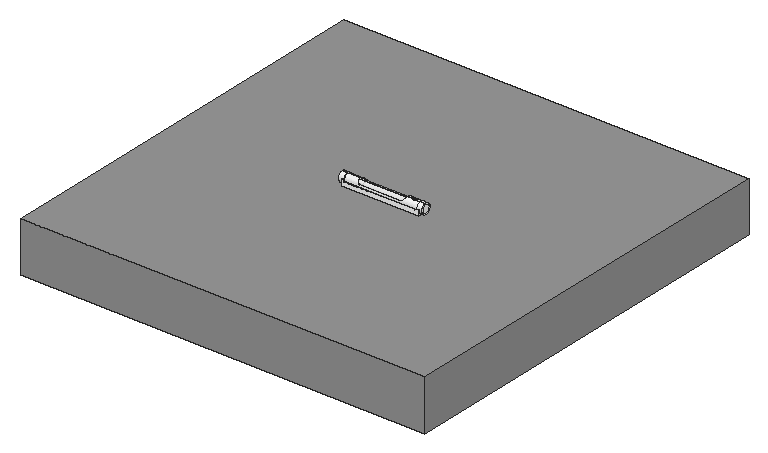
Revit family "Sarlam_Lighting_LED_shaverlights__IP44_800_Lm", category Dispositifs d'éclairage, Revit 2020
Family settings
  Hôte = Face
  Conserver l'orientation des annotations = Oui
  Cote de connecteur circulaire = Utiliser le diamètre
  Type d'élément = Normal
  Couper avec des vides une fois chargée = Non
  Partagée = Non
  Point de calcul de pièce = Non
Parameters (values of type "Light switch")
  With movement sensor = no
  With light sensor = no
  Width = 0 mm
  Voltage type = ""
  Type of dimming = ""
  Type of control gear = "0"
  System power W = 0
  Suitable for wall mounting = no
  Suitable for suspended mounting = no
  Suitable for surface mounting = no
  Suitable for ceiling mounting = no
  Suitable for built-in mounting = no
  Radiation angle = "0"
  Protection Class = "II"
  Outer diameter = 0 mm
  Nominal voltage (Un) V MIN = 0
  Nominal voltage (Un) V MAX = 0
  Nominal current mA MIN = 0
  Nominal current mA MAX = 0
  Material housing = none
  Light sharing = "0"
  Length = 0 mm
  Lamp type = ""
  Lamp power at multiwatt = ""
  Lamp power W = ""
  Lamp holder = "0"
  Impact strength (IK) = "IK07"
  Height/depth = 0 mm
  General Conditions of Use = "https://export.legrand.com/en/terms-of-use-BIM-objects"
  Effective luminous flux lm = 800
  Detection area = ""
  URL = "http://www.legrandoc.com/SL189820"
  Modèle = "SL-189820"
  Fabricant = "LEGRAND"  # constant formula
  Description = "PRISMALED 800LM IP44  WITH SWITCH"
  Detection area - Wall [instance] = no
  Elévation par défaut = 1800 mm
  Degree of protection (IP) = "IP44"
  Colour temperature K MIN = 0
  Colour temperature K MAX = 0
  Colour rendering index CRI = "0"
  Colour housing = LEGRAND - White
  Built-in width = 0 mm
  Built-in length = 0 mm
  Built-in height/depth = 0 mm
  Built-in diameter = 0 mm
  Tag [instance] = no
Types (4, lengths in mm): name | With movement sensor | Detection area | URL | Modèle | Description
  ON/OFF | no | "" | "http://www.legrandoc.com/SL189810" | "SL-189810" | "PRISMALED 800LM IP44"
  Light switch | no | "" | "http://www.legrandoc.com/SL189820" | "SL-189820" | "PRISMALED 800LM IP44  WITH SWITCH"
  ON/OFF+Plug | no | "" | "http://www.legrandoc.com/SL189850" | "SL-189850" | "PRISMALED 800LM IP 44 WITH OUTLET"
  With microwave sensor | yes | "Detection at 1,8m high Wall: Cone 5*5m" | "http://www.legrandoc.com/SL189830" | "SL-189830" | "PRISMALED 800LM IP44 WITH MOTION SENSOR"
Reference planes
  plane 1 "Centre (avant/arrière)": y = 0
  plane 2: z = 0
  plane 3 "Centre (gauche/droite)": x = 0
  plane 4: z = 62.155
Forms (mm)
  Extrusion 1, solid, material "Blanc"
    sketch origin (0, 0, 0) x (1, 0, 0) y (0, 1, 0)
      loop
        line (-1219.2, 1219.2) -> (-1219.2, -1219.2) -> (1219.2, -1219.2) -> (1219.2, 1219.2) -> (-1219.2, 1219.2)
    from 0 to -304.8
Lines and regions (mm)
  model lines, style "Lignes cachées", not visible
    curve 1: line (0, 0, 0) -> (0, 0, 2230)
    curve 2: line (0, 0, 0) -> (0, 3300, 0)
    curve 3: line (0, 0, 0) -> (-2620, 0, 0)
Dimensions and locks
  aligned and locked: plane 2 to Extrusion 1
  aligned and locked: level to Extrusion 1
Nested families
  nested 1: "Forme 10" at (0, 0, 0), type "Forme 10"
  nested 2: "Zone de détection Prismaled" at (0, 0, 62.155) x (0, 0, 1) z (0, -1, 0), visible <- "Detection area - Wall", type "Zone de détection Prismaled"
  nested 3: "Zone de détection Prismaled" at (0, 0, 62.155) x (0, 0, 1) z (1, 0, 0), type "Zone de détection Prismaled"
  nested 4: "Etiquette de zone" at (-4.161, 30.75, 0) x (-1, 0, 0) z (0, 0, 1), visible <- "Tag", type "Etiquette de zone"
Connectors
  electrical at (0, 0, 0)
    settings: on nested 1, index 1, voltage 230 V, apparent load 0 VA, apparent load phase1 0 VA, apparent load phase2 0 VA, apparent load phase3 0 VA, power factor 1, load classification "Eclairage", number of poles 1, system type 30, power factor state 1, is connector primary yes, connector utility no, sub classification motor no, connector description ""
Definition of nested family "Forme 10"
  Parameters (values of type "Forme 10")
    Default Elevation = 0 mm
    Couleur corps = none
  Reference planes
    plane 1 "Centre (avant/arrière)": y = 0
    plane 2: z = 0
    plane 3 "Centre (gauche/droite)": x = 0
    plane 4: z = 30.75
    plane 5: z = -30.75
    plane 6: x = -251
    plane 7: x = 251
    plane 8: x = -233
    plane 9: x = 233
    plane 10: x = -220
    plane 11: x = 220
    plane 12: x = -150
    plane 13: x = 150
  Forms (mm)
    Extrusion 1, solid, material <- "Couleur corps"
      sketch origin (0, 0, 33.75) x (0, 0, -1) y (0, 1, 0)
        loop
          circle (0, 0) r 28.405
      from -251 to 251
    Extrusion 2, solid, material <- "Couleur corps"
      sketch origin (0, 0, 0) x (0, 0, -1) y (0, 1, 0)
        loop
          line (0, 30.75) -> (-35.665, 28.341) -> (-35.665, -28.341) -> (0, -30.75) -> (0, 30.75)
      from -233 to 233
    Extrusion 3, void
      sketch origin (0, 0, 0) x (0, 0, -1) y (0, 1, 0)
        loop
          arc (-61.155, 0) -> (-51.007, 21.289) -> (-28.079, 26.812) r 27.405
          line (-28.079, 26.812) -> (-28.079, 28.853)
          arc (-28.079, 28.853) -> (-52.43, 22.709) -> (-63.155, 0) r 29.405
          arc (-63.155, 0) -> (-52.43, -22.709) -> (-28.079, -28.853) r 29.405
          line (-28.079, -28.853) -> (-28.079, -26.812)
          arc (-28.079, -26.812) -> (-51.007, -21.289) -> (-61.155, 0) r 27.405
      from -220 to 220
    Extrusion 4, void
      sketch origin (0, 0, 0) x (0, 0, -1) y (0, 1, 0)
        loop
          circle (-33.75, 0) r 26.405
      from -253.91 to -247.91
    Extrusion 5, void
      sketch origin (502, 0, 0) x (0, 0, -1) y (0, 1, 0)
        loop
          circle (-33.75, 0) r 26.405
      from -253.91 to -247.91
    Extrusion 6, void
      sketch origin (0, 0, 8.75) x (1, 0, 0) y (0, 0, -1)
        loop
          arc (-120.86, -33.079) -> (-133.349, -37.318) -> (-140.677, -48.284) r 20.516
          line (-140.677, -48.284) -> (-150, -83.079) -> (150, -83.079) -> (140.677, -48.284)
          arc (140.677, -48.284) -> (133.349, -37.318) -> (120.86, -33.079) r 20.516
          line (120.86, -33.079) -> (-120.86, -33.079)
      from -30.75 to 38.948
    Extrusion 7, solid
      sketch origin (220, 0, 0) x (0, 0, 1) y (0, 1, 0)
        loop
          arc (56.155, 0) -> (50.646, 14.714) -> (36.829, 22.193) r 22.405
          line (36.829, 22.193) -> (36.829, -22.193)
          arc (36.829, -22.193) -> (50.646, -14.714) -> (56.155, 0) r 22.405
      from 0 to 371.05
    Extrusion 8, solid, material <- "Couleur corps"
      sketch origin (0, 0, 0) x (1, 0, 0) y (0, 1, 0)
        loop
          circle (185.17, 0) r 5
      from 56.523 to 61.807
  Cuts and joins
    Extrusion 3, Extrusion 4, Extrusion 5, Extrusion 6 cuts Extrusion 1
    Extrusion 3, Extrusion 4, Extrusion 5 cuts Extrusion 2
    joined: Extrusion 1, Extrusion 2
  Dimensions and locks
    aligned and locked: level to plane 2
    aligned and locked: plane 9 to Extrusion 2
    aligned and locked: Extrusion 2 to plane 8
    aligned and locked: Extrusion 3 to plane 10
    aligned and locked: plane 11 to Extrusion 3
Definition of nested family "Zone de détection Prismaled"
  Parameters (values of type "Zone de détection Prismaled")
    Zone murale Formes 8à9 = yes
    Zone murale Formes 1à7 = yes
  Reference planes
    plane 1 "Centre (avant/arrière)": y = 0
    plane 2: z = 0
    plane 3 "Centre (gauche/droite)": x = 0
  Lines and regions (mm)
    detail lines, in view "Niveau de réf."
      curve 1: spline (1934.398, 2305.326, 0) -> (2793.581, 2073.397, 0) -> (3546.233, 1762.401, 0) -> (4163.652, 1384.197, 0) -> (4622.292, 953.207, 0) -> (4904.664, 485.868, 0) -> (5000, 0, 0) -> (4904.664, -485.868, 0) -> (4622.292, -953.207, 0) -> (4163.652, -1384.197, 0) -> (3546.233, -1762.401, 0) -> (2793.581, -2073.397, 0) -> (1934.398, -2305.326, 0)
      curve 2: line (0, 0, 0) -> (1934.398, 2305.326, 0)
      curve 3: line (0, 0, 0) -> (1934.398, -2305.326, 0)
      curve 4: spline (967.199, 1152.663, 0) -> (1396.791, 1036.699, 0) -> (1773.117, 881.201, 0) -> (2081.826, 692.098, 0) -> (2311.146, 476.604, 0) -> (2452.332, 242.934, 0) -> (2500, 0, 0) -> (2452.332, -242.934, 0) -> (2311.146, -476.604, 0) -> (2081.826, -692.098, 0) -> (1773.117, -881.201, 0) -> (1396.791, -1036.699, 0) -> (967.199, -1152.663, 0)
Definition of nested family "Etiquette de zone"
  Parameters (values of type "Etiquette de zone")
    Etiquette de zone = ""
  Reference planes
    plane 1: y = 0
    plane 2: x = 0
  Text (mm)
    label "Etiquette de zone" at (0.013, -4.46, 0), shows "Etiquette de zone"
